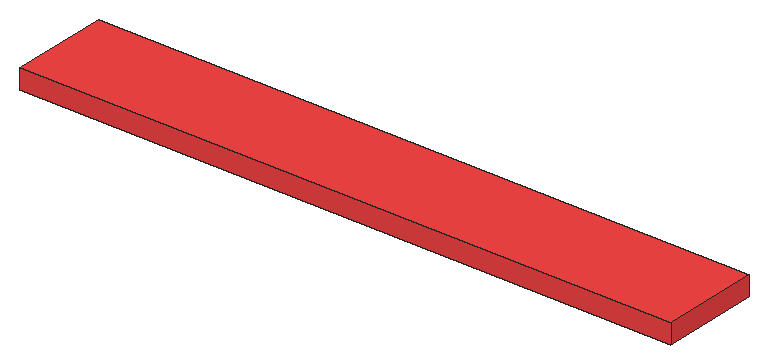
Revit family "E_Fire Stop Block", category Specialty Equipment, Revit 2015
Parameters (values of type "FF108 Fire Stop Block")
  Youtube Clip = ""
  Width_Calc [instance] = if(Width < 150 mm, if(Width > 1 mm, Width, 1 mm), 150 mm)  # 150 mm
  Width [instance] = 150 mm
  URL = "https://www.tenmat.com/passive-fire-protection/"
  Type Comments = "Supplied in 1000 x 150 x 30mm Blocks"
  Tenmat Item Number = ""
  Performance = "BS EN 1366-3:2009 & BS 476, ETA-12/0332, 1224-CPR-0341, CE Marked"
  Material/Grade = "Firefly 108"
  Manufacturer = "Tenmat ltd"
  Length_Calc [instance] = if(Length < 1000 mm, if(Length > 1 mm, Length, 1 mm), 1000 mm)  # 1000 mm
  Length [instance] = 1000 mm
  IFC Classification = "Building Element Proxy"
  Description = "Firefly 108 Fire Stop Block"
  Depth_Calc [instance] = if(Depth < 30 mm, if(Depth > 1 mm, Depth, 1 mm), 30 mm)  # 30 mm
  Depth [instance] = 30 mm
Reference planes
  plane 1 "Center (Front/Back)": y = 0
  plane 2: z = 0
  plane 3 "Center (Left/Right)": x = 0
  plane 4: x = -500
  plane 5: y = 75
  plane 6: x = 500
  plane 7: y = -75
  plane 8: z = 30
Forms (mm)
  Extrusion 1, solid, material "Tenmat"
    sketch origin (0, 0, 0) x (1, 0, 0) y (0, 1, 0)
      loop
        line (-500, 75) -> (-500, -75) -> (500, -75) -> (500, 75) -> (-500, 75)
    from 0 to 30
Dimensions and locks
  "Length_Calc": plane 4 to plane 6
  equal spacing: plane 5, plane 1 "Center (Front/Back)", plane 7
  "Width_Calc": plane 5 to plane 7
  "Depth_Calc": plane 8 to plane 2
  equal spacing: plane 4, plane 3 "Center (Left/Right)", plane 6
  aligned and locked: level to plane 2
  aligned and locked: Extrusion 1 to plane 2
  aligned and locked: plane 8 to Extrusion 1
  aligned and locked: plane 5 to Extrusion 1
  aligned and locked: plane 7 to Extrusion 1
  aligned and locked: Extrusion 1 to plane 6
  aligned and locked: Extrusion 1 to plane 4
Automatic sketch dimensions
  Extrusion 1 sketch curve to plane 4 = 0 mm
  Extrusion 1 sketch curve to plane 6 = 0 mm
  plane 1 "Center (Front/Back)" to Extrusion 1 sketch curve = 75 mm
  Extrusion 1 sketch curve to plane 1 "Center (Front/Back)" = 75 mm
